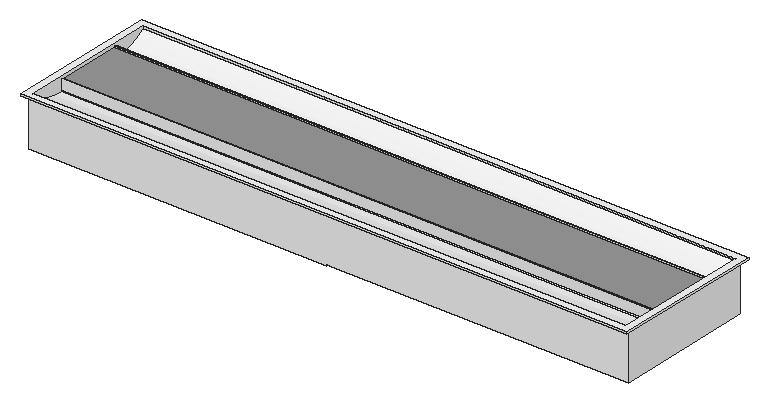
Revit family "2069265 Feilo Sylvania Lighting Fixture OFFICELYTE 1200 HE 3K SSH01", category Lighting Fixtures, host Face, Revit 2017
Family settings
  Host = Face
  Round Connector Dimension = Use Diameter
  Part Type = Normal
  OmniClass Number = 23.80.70.11.17
  OmniClass Title = Specialized Lighting by Location or Use
  Cut with Voids When Loaded = No
  Light Source = Yes
  Shared = No
  Room Calculation Point = No
Parameters (values of type "2069265 OFFICELYTE 1200 HE 3K SSH01")
  Width = 297.0 mm
  Weight = 5.90 kg
  Wattage = 25 W
  built-in parameter 1150110 = 1 (stored number, unit not read)
  Voltage Comments = "UNV (Universal Voltage; 230-240 Volt)"  # constant formula
  Voltage = 230 V  # constant formula
  URL = "http://www.sylvania-lighting.com"
  built-in parameter 1114217 = 1 (stored number, unit not read)
  Tilt Angle = 90.00°
  built-in parameter 1150109 = 1 (stored number, unit not read)
  built-in parameter 1150134 = (empty or 0)
  built-in parameter 1150113 = 1 (stored number, unit not read)
  Product Page URL = "http://www.sylvania-lighting.com/product/en-int/products/2069265"
  Product Family = "OFFICELYTE LP LED"  # constant formula
  Photometry Comments = ""
  Photometric Web File = "2069265.ies"
  Life = "50 000 h"  # constant formula
  Length = 1197.0 mm
  LOR = "100 %"
  Keynote = "16500"
  IP Rating = "IP40"  # constant formula
  IK Rating = "IK02"  # constant formula
  Glow Wire Test = 650 °C  # constant formula
  Glare Control = "UGR <19"  # constant formula
  Electrical Protection = "CLASS I"  # constant formula
  Diffuser Material = Acrylic_Sylvania_Officelyte LP LED_Satin_4000K
  Height = 95.0 mm
  built-in parameter 1114216 [instance] = 1 (stored number, unit not read)
  Model = "OFFICELYTE 1200 HE 3K SSH01"
  Manufacturer = "Havells-Sylvania Group"  # constant formula
  built-in parameter 1150105 = 1772 (stored number, unit not read)
  Lumens = 3225 lm
  built-in parameter 1150115 = 1 (stored number, unit not read)
  built-in parameter 1150137 = (empty or 0)
  built-in parameter 1150139 = (empty or 0)
  built-in parameter 1150112 = 1 (stored number, unit not read)
  built-in parameter 1150114 = 1 (stored number, unit not read)
  Lamp = "LED"
  built-in parameter 1150132 = 2
  built-in parameter 1150102 = (empty or 0)
  built-in parameter 1150107 = 3000 (stored number, unit not read)
  built-in parameter 1150138 = (empty or 0)
  built-in parameter 1150106 = 17.72 (stored number, unit not read)
  Reflector Material = Steel_Sylvania_Officelyte LP LED_White_RAL 9016
  Emit from Rectangle Width = 564.0 mm
  Emit from Rectangle Length = 564.0 mm
  Emit Shape Visible in Rendering = no
  built-in parameter 1150104 = 11.984 (stored number, unit not read)
  Dimming Lamp Color Temperature Shift = <None>
  CRI ( Ra ) = 85
  Body Material = Steel_Sylvania_Officelyte LP LED_White_RAL 9016
  Description = "The Concord OFFICELYTE LP LED HO 4K 600 is a high efficient luminaire for Office, education, meeting rooms. With efficacy of 95lm/W, at 4549lm, CRI of 85 and a very low glare ratio according to EN12464."  # constant formula
  Default Elevation = 0.0 mm
  Color Filter = 16777215
  Catalog Number = "2064456 OFFICELYTE LP LED HE 4K 600"
  built-in parameter 1140040 [instance] = 1
  built-in parameter 1114218 = 1 (stored number, unit not read)
  built-in parameter 1150133 = 10 (stored number, unit not read)
  Assembly Code = "D5020200"
  Apparent Load Comments = ""
  Apparent Load = 25 VA
Reference planes
  plane 1 "Center (Front/Back)": x = 0.711
  plane 2: z = 0
  plane 3 "Center (Left/Right)": y = -70.403
  plane 4 "Fixture Bottom": z = 3
  plane 5 "Fixture Right": y = 78.097
  plane 6 "Profile Right": y = 64.597
  plane 7 "Profile Left": y = -205.403
  plane 8 "Fixture Left": y = -218.903
  plane 9 "Profile Back": x = -578.136
  plane 10 "Fixture Back": x = -591.636
  plane 11 "Fixture Front": x = 599.211
  plane 12: z = -25
  plane 13 "Box Right": y = 66.597
  plane 14 "Box Left": y = -207.403
  plane 15 "Box Back": x = -584.886
  plane 16 "Box Front": x = 587.711
  plane 17: y = -3.903
  plane 18: y = -136.903
  plane 19 "Difuser Right": y = -6.903
  plane 20 "Difuser Left": y = -133.903
  plane 21: z = -2
  plane 22: z = -4
  plane 23 "Profile Front": x = 585.711
  plane 24 "Fixture Top": z = -95
  plane 25 "Box Thickness": z = -93
  plane 26: z = -20
  plane 27: x = -597.789
  plane 28: x = 599.211
Forms (mm)
  Extrusion 1, void
    sketch origin (0, 0, 59) x (-1, 0, 0) y (0, -1, 0)
      loop
        line (-587.711, -66.597) -> (584.886, -66.597) -> (584.886, 207.403) -> (-587.711, 207.403) -> (-587.711, -66.597)
    from -152 to -56
  Extrusion 2, solid, material "Steel_Sylvania_Officelyte LP LED_White_RAL 9016" <- "Reflector Material", detail levels fine
    sketch origin (-294.136, -50.403, 59) x (0, -1, 0) y (1, 0, 0)
      loop
        line (-128.5, -297.5) -> (168.5, -297.5) -> (168.5, 893.347) -> (-128.5, 893.347) -> (-128.5, -297.5)
      loop
        line (155, -284) -> (155, 879.847) -> (-115, 879.847) -> (-115, -284) -> (155, -284)
    from -59 to -56
  Extrusion 3, solid, material "Steel_Sylvania_Officelyte LP LED_White_RAL 9016" <- "Reflector Material", detail levels fine
    sketch origin (0.711, -70.403, 0) x (0, 1, 0) y (0, 0, 1)
      loop
        arc (-65.868, -23.244) -> (-102.251, -17.422) -> (-135, -0.537) r 116.591
        line (-135, -0.537) -> (-135, -2.581)
        arc (-135, -2.581) -> (-102.244, -19.433) -> (-65.868, -25.244) r 116.772
        line (-65.868, -25.244) -> (65.87, -25.244)
        arc (65.87, -25.244) -> (102.245, -19.434) -> (135, -2.581) r 116.769
        line (135, -2.581) -> (135, -0.538)
        arc (135, -0.538) -> (102.252, -17.422) -> (65.87, -23.244) r 116.587
        line (65.87, -23.244) -> (-65.868, -23.244)
    from -578.847 to 585
  Extrusion 4, solid, material "Steel_Sylvania_Officelyte LP LED_White_RAL 9016" <- "Reflector Material", detail levels fine
    sketch origin (-294.136, -70.403, 59) x (0, -1, 0) y (1, 0, 0)
      loop
        line (135, -284) -> (135, 879.847) -> (-135, 879.847) -> (-135, -284) -> (135, -284)
      loop
        line (137, -290.75) -> (137, 886.648) -> (-137, 886.648) -> (-137, -290.75) -> (137, -290.75)
    from -152 to -59
  Extrusion 5, solid, material "Steel_Sylvania_Officelyte LP LED_White_RAL 9016" <- "Reflector Material", detail levels fine
    sketch origin (0, 0, 59) x (-1, 0, 0) y (0, -1, 0)
      loop
        line (578.136, 133.903) -> (578.136, 136.903) -> (-585.711, 136.903) -> (-585.711, 133.903) -> (578.136, 133.903)
      loop
        line (-585.711, 6.903) -> (-585.711, 3.903) -> (578.136, 3.903) -> (578.136, 6.903) -> (-585.711, 6.903)
    from -79 to -59
  Extrusion 6, solid, material "Acrylic_Sylvania_Officelyte LP LED_Satin_4000K" <- "Diffuser Material", detail levels fine
    sketch origin (0, 0, -581) x (-1, 0, 0) y (0, -1, 0)
      loop
        line (578.136, 133.903) -> (-585.711, 133.903) -> (-585.711, 6.903) -> (578.136, 6.903) -> (578.136, 133.903)
    from 577 to 579
  Extrusion 7, solid, material "Steel_Sylvania_Officelyte LP LED_White_RAL 9016" <- "Body Material", detail levels coarse+medium
    sketch origin (-294.136, -70.403, 59) x (0, -1, 0) y (1, 0, 0)
      loop
        line (148.5, -297.5) -> (148.5, 893.347) -> (-148.5, 893.347) -> (-148.5, -297.5) -> (148.5, -297.5)
    from -59 to -56
  Extrusion 8, solid, material "Steel_Sylvania_Officelyte LP LED_White_RAL 9016" <- "Body Material", detail levels coarse+medium
    sketch origin (0, 0, -501) x (-1, 0, 0) y (0, -1, 0)
      loop
        line (584.886, -66.597) -> (584.886, 207.403) -> (-587.711, 207.403) -> (-587.711, -66.597) -> (584.886, -66.597)
    from 406 to 501
  Extrusion 9, solid, material "Steel_Sylvania_Officelyte LP LED_White_RAL 9016" <- "Reflector Material", detail levels fine
    sketch origin (-294.136, -70.403, 59) x (0, -1, 0) y (1, 0, 0)
      loop
        line (-137, -290.75) -> (137, -290.75) -> (137, 294.847) -> (-137, 294.847) -> (-137, -290.75)
    from -154 to -152
Cuts and joins
  joined: Extrusion 2, Extrusion 4, Extrusion 9
  joined: Extrusion 3, Extrusion 5
Lines and regions (mm)
  symbolic lines
    curve 1: line (-591.636, -218.903, 59) -> (-591.636, 78.097, 59)
    curve 2: line (599.211, -218.903, 59) -> (-591.636, -218.903, 59)
    curve 3: line (599.211, 78.097, 59) -> (599.211, -218.903, 59)
    curve 4: line (-591.636, 78.097, 59) -> (599.211, 78.097, 59)
Dimensions and locks
  "Height": host face to plane 24 "Fixture Top"
  locked: plane 25 "Box Thickness" to plane 24 "Fixture Top" at 2
  plane 18 to plane 20 "Difuser Left" = 3.0 mm
  plane 19 "Difuser Right" to plane 17 = 3.0 mm
  plane 8 "Fixture Left" to plane 14 "Box Left" to plane 7 "Profile Left" = 11.5 mm, 2.0 mm
  plane 10 "Fixture Back" to plane 15 "Box Back" to plane 9 "Profile Back" = 6.75 mm, 6.75 mm
  plane 6 "Profile Right" to plane 13 "Box Right" to plane 5 "Fixture Right" = 2.0 mm, 11.5 mm
  plane 23 "Profile Front" to plane 16 "Box Front" to plane 11 "Fixture Front" = 2.0 mm, 11.5 mm
  plane 4 "Fixture Bottom" to plane 2 to plane 21 to plane 22 to plane 12 = 3.0 mm locked, 2.0 mm locked, 2.0 mm locked, 21.0 mm locked
  equal spacing: plane 8 "Fixture Left", plane 3 "Center (Left/Right)", plane 5 "Fixture Right", locked at 148.5 each
  "Width": plane 8 "Fixture Left" to plane 5 "Fixture Right"
  equal spacing: plane 27, plane 1 "Center (Front/Back)", plane 28, locked at 598.5 each
  "Length": plane 27 to plane 28
  aligned and locked: plane 2 to host face
  aligned and locked: level to host face
  aligned and locked: Extrusion 2 to plane 10 "Fixture Back"
  aligned and locked: Extrusion 2 to plane 8 "Fixture Left"
  aligned and locked: plane 7 "Profile Left" to Extrusion 2
  aligned and locked: plane 5 "Fixture Right" to Extrusion 2
  aligned and locked: Extrusion 2 to plane 6 "Profile Right"
  aligned and locked: plane 4 "Fixture Bottom" to Extrusion 2
  aligned and locked: plane 21 to Extrusion 6
  aligned and locked: Extrusion 6 to plane 22
  aligned and locked: Extrusion 7 sketch curve to plane 10 "Fixture Back"
  aligned and locked: plane 5 "Fixture Right" to Extrusion 7 sketch curve
  aligned and locked: Extrusion 8 to plane 24 "Fixture Top"
  aligned and locked: level to Extrusion 8
  aligned and locked: Extrusion 4 sketch curve to plane 9 "Profile Back"
  aligned and locked: Extrusion 4 to Extrusion 1
  aligned and locked: Extrusion 1 to imposter light
  aligned and locked: Extrusion 9 to plane 24 "Fixture Top"
  aligned and locked: plane 25 "Box Thickness" to Extrusion 9
  aligned and locked: cut or joined group of Extrusion 2, Extrusion 4, Extrusion 9 to plane 25 "Box Thickness"
  aligned and locked: Extrusion 4 sketch curve to plane 13 "Box Right"
  aligned and locked: plane 15 "Box Back" to Extrusion 4 sketch curve
  aligned and locked: Extrusion 4 sketch curve to plane 14 "Box Left"
  aligned and locked: plane 13 "Box Right" to Extrusion 9 sketch curve
  aligned and locked: Extrusion 9 sketch curve to plane 15 "Box Back"
  aligned and locked: Extrusion 9 sketch curve to plane 14 "Box Left"
  aligned and locked: cut or joined group of Extrusion 3, Extrusion 5 to plane 7 "Profile Left"
  aligned and locked: cut or joined group of Extrusion 3, Extrusion 5 to plane 6 "Profile Right"
  aligned and locked: cut or joined group of Extrusion 3, Extrusion 5 to plane 9 "Profile Back"
  aligned and locked: cut or joined group of Extrusion 3, Extrusion 5 to plane 23 "Profile Front"
  aligned and locked: Extrusion 1 sketch curve to Extrusion 8  (x4)
  aligned and locked: cut or joined group of Extrusion 3, Extrusion 5 to plane 26
  aligned and locked: plane 4 "Fixture Bottom" to imposter light
Automatic sketch dimensions
  host sketch curve to host sketch curve = 1305.563 mm
  host sketch curve to host sketch curve = 1414.187 mm
  plane 5 "Fixture Right" to Extrusion 2 sketch curve = 0.0 mm
  plane 6 "Profile Right" to Extrusion 2 sketch curve = 0.0 mm
  plane 7 "Profile Left" to Extrusion 2 sketch curve = 0.0 mm
  plane 8 "Fixture Left" to Extrusion 2 sketch curve = 0.0 mm
  Extrusion 2 sketch curve to plane 10 "Fixture Back" = 0.0 mm
  Extrusion 2 sketch curve to plane 9 "Profile Back" = 0.0 mm
  Extrusion 2 sketch curve to plane 23 "Profile Front" = 0.0 mm
  Extrusion 2 sketch curve to plane 11 "Fixture Front" = 0.0 mm
  Extrusion 3 sketch curve to plane 7 "Profile Left" = 0.0 mm
  Extrusion 3 sketch curve to plane 6 "Profile Right" = 0.0 mm
  plane 18 to Extrusion 3 sketch curve = 0.632 mm  (x2)
  Extrusion 3 sketch curve to plane 12 = 0.244 mm
  Extrusion 3 sketch curve to plane 17 = 0.63 mm
  Extrusion 3 sketch curve to Extrusion 3 sketch curve = 0.0 mm
  plane 12 to Extrusion 3 sketch curve = 1.756 mm
  Extrusion 3 sketch curve to level = 2.581 mm  (x2)
  Extrusion 3 sketch curve to level = 0.538 mm
  Extrusion 3 sketch curve to level = 0.537 mm
  plane 6 "Profile Right" to Extrusion 4 sketch curve = 0.0 mm
  plane 7 "Profile Left" to Extrusion 4 sketch curve = 0.0 mm
  plane 23 "Profile Front" to Extrusion 4 sketch curve = 0.0 mm
  Extrusion 5 sketch curve to plane 19 "Difuser Right" = 0.0 mm
  Extrusion 5 sketch curve to plane 23 "Profile Front" = 0.0 mm  (x2)
  Extrusion 5 sketch curve to plane 20 "Difuser Left" = 0.0 mm
  Extrusion 5 sketch curve to plane 9 "Profile Back" = 0.0 mm  (x2)
  Extrusion 5 sketch curve to plane 17 = 0.0 mm
  Extrusion 5 sketch curve to plane 18 = 0.0 mm
  Extrusion 6 sketch curve to plane 20 "Difuser Left" = 0.0 mm
  Extrusion 6 sketch curve to plane 23 "Profile Front" = 0.0 mm
  Extrusion 6 sketch curve to plane 9 "Profile Back" = 0.0 mm
  Extrusion 6 sketch curve to plane 19 "Difuser Right" = 0.0 mm
  plane 8 "Fixture Left" to Extrusion 7 sketch curve = 0.0 mm
  Extrusion 7 sketch curve to plane 11 "Fixture Front" = 0.0 mm
  Extrusion 8 sketch curve to plane 13 "Box Right" = 0.0 mm
  Extrusion 8 sketch curve to plane 16 "Box Front" = 0.0 mm
  Extrusion 8 sketch curve to plane 14 "Box Left" = 0.0 mm
  Extrusion 8 sketch curve to plane 15 "Box Back" = 0.0 mm
  Extrusion 4 sketch curve to Extrusion 4 sketch curve = 6.801 mm
  Extrusion 9 sketch curve to plane 1 "Center (Front/Back)" = 0.0 mm
  plane 8 "Fixture Left" to curve 3 = 0.0 mm
  curve 3 to plane 11 "Fixture Front" = 0.0 mm
  curve 2 to plane 10 "Fixture Back" = 0.0 mm
  plane 5 "Fixture Right" to curve 1 = 0.0 mm
